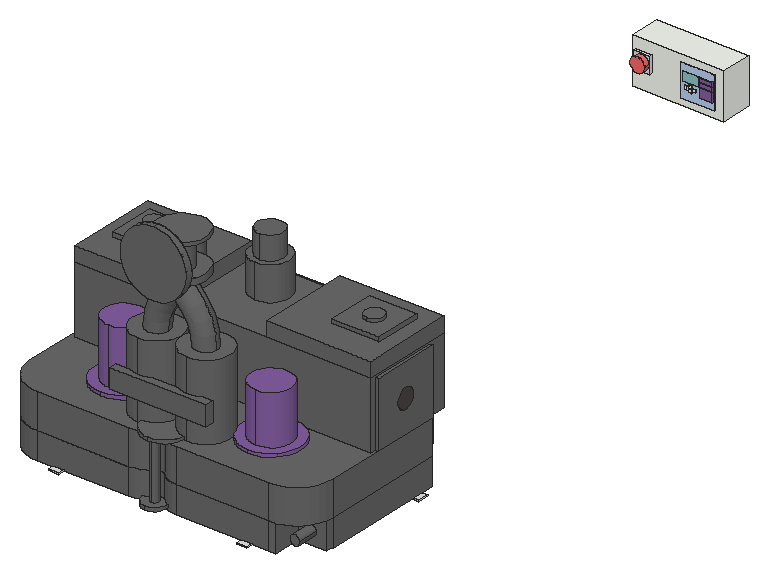
Revit family "11080", category Generic Models, Revit 2021
Family settings
  Can host rebar = No
  Round Connector Dimension = Use Diameter
  Part Type = Normal
  Work Plane-Based = No
  Always vertical = Yes
  Cut with Voids When Loaded = No
  Shared = Yes
  Room Calculation Point = No
Parameters (values of type "11080")
  SUPPLIER = "KESSEL"
  SA700ID49 = "Protection Class I"
  SA700ID48 = "no"
  SA700ID47 = "no"
  SA700ID46 = "yes"
  SA700ID37 = 28000 mm
  SA700ID34 = 60
  SA700ID33 = 5.7 W
  SA700ID32 = 222.72 kg
  SA700ID31 = 1
  SA700ID30 = 2
  SA700ID29 = "GLRD"
  SA700ID21 = 2800
  SA700ID10 = "yes"
  SA700ID08 = 400 V
  PROCUREWEBLINK = "https://p.caden.as/kessel/11080"
  PROCURELINK = "p.caden.as/kessel/11080"
  PROCUREDATALASTUPDATE = "2024-05-22T12:17:48.115502648+01:00"
  PREVIEW = "../../bilder/ksb_w_11080.png"
  PRC_SPECIFICATIONLINK = "https://ausschreiben.de/catalog/kessel/catalogItem/e810e59b-9e4c-44a9-90b6-bb2973ad9a50"
  NN = "Lifting station Aqualift F XL"
  NBSYN = "$SA810ID03."
  NB = "11080"
  Model = "11080"
  Manufacturer = "KESSEL"
  MIdent = "{$CADENAS_DATA/23d-libs/kessel/kessel_vdi_import/4/entwaesserung/hebeanlage20aqualift20f20xl.prj},201 {STYP=ASS},{VTYP=3D},{NB=11080},{LINA=11080},{NN=Lifting station Aqualift F XL},{DATE=21.11.2022 10:48:11},{GEOMDATE=21.11.2022 10:48:11},{VERSION=},{LINEID=150},{WBVAR=LODLEVEL},{WBNUMERIC=LODLEVEL}  {NB=11080},{LINA=11080},{KT=DUMMY},{PREVIEW=../../bilder/ksb_w_11080.png},{SA700ID04=Hebeanlage Aqualift F XL 300 l, Duo, SPF 5500-S3, Gussschieber},{SA810ID06=04026092057476},{SA700ID34=60.00},{SA010ID03=201805},{SA810ID03=11080},{SA810ID10=Die Hebeanlage für fäkalienhaltiges und fäkalienfreies Abwasser ist mit einer überflutbaren Pumpe sowie einem Rückflussverhinderer ausgestattet. Der Sammelbehälter aus dauerhaft beständigem Kunststoff (PE) bietet universale Anschlussmöglichkeiten und hat eine verschraubte Reinigungsöffnung.Die Steuerung erfolgt durch ein anwenderfreundliches Schaltgerät, das optional über einen potentialfreien Kontakt in die Gebäudeleittechnik eingebunden werden oder optional Alarm- und Sammelstörmeldungen über eine GSM-Schnittstelle (Comfort Schaltgerät) ausgeben kann.Ausführung:Absperreinrichtung: Schieber aus GussAnlagenart: DoppelanlagePumpensteuerung: SchaltgerätRückflussverhinderer: integriertSchalldämmmatte: jaAuslieferungszustand: installationsfertig (elektrische Komponenten, Verbindungsteile sind bauseits anzuschließen)Einbausituation: freie AufstellungAbwasserart: fäkalienhaltigAllgemeine Merkmale:Farbe: schwarzNorm: EN 12050-1Abmessungen:Länge: 1.260 mmBreite: 889 mmHöhe: 1.042 mmBehälter/Grundkörper:Zulauf Anzahl: 1 STZulauf Nennweite (DN): 100 mmZulauf Nennweite (DA): 110 mmZulauf max. Anbohrung (DN): 200 mmAnschluss für Handmembranpumpe (DN): 32Behältervolumen: 300 lDruckabgang: senkrechtDruckabgang (DA): 90 mmDruckabgang (DN): 80 mmEntlüftungsanschluss (DN): 70 mmNutzvolumen: 175 lFördereinrichtung:Pumpe: SPF 5500Anzahl Pumpen: 2Förderhöhe max.: 28 mFörderleistung max.: 60 m3/hBetriebsart: S3 - 30 %Leistung P1: 5,7 kWLeistung P2: 4,8 kWDrehzahl: 2.800 U/minFörderguttemperatur (dauerhaft) max.: 40 °CAnschlusstyp: DirektanschlussGewicht: 38 kgLaufrad Typ: FreistromradLänge Netzanschlussleitung Pumpe: 5 mNennstrom: 9,1 ASchutzart Pumpe: IP 68 (3m/48h)Schutzklasse: ITyp Anschlussleitung Pumpe: H07RN8-F 6G 1 mm2Temperaturüberwachung: integriertSteuerung:Schaltgerät: ComfortBetriebsspannung: 400 VNetzfrequenz: 50 HzSelbstdiagnosesystem (SDS): jaBatteriepufferung: jaMehrzeilige Displayanzeige: jaLogbuchfunktion: jaGSM-Schnittstelle: jaPotentialfreier Kontakt: jaErforderliche Absicherung (Leitungsschutz): 3 x C 32 AMotorschutz Schalter: jaSchutzart Schaltgerät: IP 54Länge Netzanschlussleitung Schaltgerät: 0 mArt Niveauerfassung: pneumatischInstrument Niveauerfassung: TauchrohrAlarmgeber: Tauchrohr},{SA700ID37=28.00},{SA700ID33=5.70},{SA700ID08=400},{SA700ID30=2},{SA700ID32=222.72},{SA700ID49=Schutzklasse I},{SA700ID50=intern},{SA200ID03=6},{SA250ID03=vertikal},{SA260ID03=Trockenläuferpumpe},{SA350ID03=normalansaugend},{SA400ID03=E-Motor für Drehstrom},{SA460ID03=direkt},{SA500ID03=Kunststoff, Edelstahl},{SA700ID06=80},{SA700ID07=100},{SA700ID09=3/N/PE 400V},{SA700ID10=Ja},{SA700ID11=50},{SA700ID12=IP 68},{SA700ID13=F},{SA700ID15=40},{SA700ID21=2800.00},{SA700ID22=4.80},{SA700ID23=2800},{SA700ID24=2800},{SA700ID26=9.10},{SA700ID27=68.00},{SA700ID28=durchgehend},{SA700ID29=GLRD},{SA700ID31=1},{SA700ID46=ja},{SA700ID47=nein},{SA700ID48=nein},{SA110ID04=Hebeanlage Aqualift F XL},{SA300ID03=einstufig},{SA700ID44=10.00},{SA700ID45=10.00},{SA010ID04=KESSEL AG},{LODLEVEL=200},{LINK=https://www.kessel.de/info?han=11080},{SA970ID01=970},{SA970ID02=7179},{SA970ID03=11080},{SA970ID04=11002617},{SA970ID05=QUAD},{SA970ID06=-655.51},{SA970ID07=-650},{SA970ID08=0},{SA970ID09=1},{SA970ID10=0},{SA970ID11=0},{SA970ID12=0},{SA970ID13=1},{SA970ID14=0},{SA970ID15=1311.02},{SA970ID16=800},{SA970ID17=1037.75},{LODLEVEL_=200,'Low'},{LODLEVEL_DEU=200,'Low'},{LINK_=https://www.kessel.de/info?han=11080},{LINK_DEU=https://www.kessel.de/info?han=11080},{LODLEVEL_3DB=11080_200},{DNIN1=100},{DNIN2=70},{DNIN4=10},{DNIN5=10},{DNIN6=50},{DNIN7=50},{DNIN8=50},{DNIN9=50},{DNOUT1=32},{DNOUT2=100},{DNOUT3=70},{ISD1=96},{ISD2=10},{ISDOUT1=40},{ISDOUT2=85},{ISDOUT3=MIN},{SA010ID01=010},{SA010ID02=4},{SA010ID06=www.kessel.de},{SA010ID07=www.kessel.de},{SA010ID12=20180713},{SA010ID13=DEU},{SA010ID14=DE},{SA100ID01=100},{SA100ID02=4},{SA100ID04=Entwässerung},{SA110ID01=110},{SA110ID02=6},{SA200ID01=200},{SA200ID02=6},{SA250ID01=250},{SA250ID02=2},{SA260ID01=260},{SA260ID02=2},{SA300ID01=300},{SA300ID02=1},{SA350ID01=350},{SA350ID02=1},{SA400ID01=400},{SA400ID02=2},{SA460ID01=460},{SA460ID02=1},{SA500ID01=500},{SA500ID02=1},{SA700ID01=700},{SA700ID02=64},{SA700ID10_=1},{SA700ID16=0},{SA700ID25=0},{SA700ID46_=1},{SA700ID47_=0},{SA700ID48_=0},{SA700ID49_=1},{SA700ID50_=2},{SA800ID01=800},{SA800ID02=28},{SA810ID01=810},{SA810ID02=64},{SA810ID04=11080},{SA810ID07=64},{SA810ID09=1},{SA810ID14=PCE},{SA810ID15=1},{SA810ID16=NMP},{SA960ID03=64},{SA960ID04=3L},{SA960ID08=https://www.kessel.de/info?han=11080},{SA010ID08=4026092000007},{SA100ID05=Hebeanlage},{SA110ID06=Hebeanlage}"
  LINK = "https://www.kessel.de/info?han=11080"
  LINA = "11080"
  Default Elevation = 0 mm
  CREATOR = "CADENAS GmbH"
  CATALOG = "KESSEL"
  BOMINFO = "LINA"
  ARTICLENO = "NB"
  4.810.00.9 Order quantity (multiplicator) = "1"
  4.810.00.7 Media- connection number = "64"
  4.810.00.6 GTIN number = "04026092057476"
  4.810.00.4 DATANORM number = "11080"
  4.810.00.3 Producer order number = "11080"
  4.710.03.7 Mass (net) = 222.72 kg
  4.710.03.6 Height = 1042 mm
  4.710.03.5 Width = 889 mm
  4.710.03.4 Length = 1260 mm
  4.710.03.3 Type of dimensions = "2"
  4.710.02.8 Area of application of wastewater pump = "1"
  4.710.02.7 Art des S2/S3-Betriebs = "30 %"
  4.710.02.6 Duty type = "S3"
  4.710.02.5 Cutting device = "0"
  4.710.02.4 Attached pump control = "1"
  4.710.02.3 Free passage = 40 mm
  4.710.01.6 Option to connect to building automation = "40"
  4.710.01.5 Load regulation = "0"
  4.710.01.4 Designation of closed-loop control = "175"
  4.710.01.3 Identifier for closed-loop control = "300"
  4.700.00.9 Voltage = 0
  4.700.00.8 Nominal connection size on suction side = "100"
  4.700.00.7 Nominal connection size on pressure side = "100"
  4.700.00.6 Type of connection = "80"
  4.700.00.4 Product indentification = "Hebeanlage Aqualift F XL 300 l, Duo, SPF 5500-S3, Gussschieber"
  4.700.00.28 Motor pump shaft = "durchgehend"
  4.700.00.27 Starting current = 68
  4.700.00.26 Maximum power consumption per pump / drive = 9.1
  4.700.00.25 Minimum speed at internal speed adjustment = 0
  4.700.00.24 Nominal speed / maximum speed n = 46.6667
  4.700.00.23 Nominal speed of motor = 46.6667
  4.700.00.22 Maximum shaft output (P2) per pump/drive = 4.8 W
  4.700.00.16 Maximum temperature of pumped medium = 0 °C
  4.700.00.15 Increased safety class = "40 °C"
  4.700.00.13 Type of protection = "F"
  4.700.00.12 Frequency = 0
  4.700.00.11 Stern-/Dreieck-Anlaufschaltung bei Dreiphasenanschluss oder Drehstrom = "50 Hz"
  4.700.00.10 Phase = "1"
  4.500.00.3 Variant / Variant type / Accessories-name = "Kunststoff, Edelstahl"
  4.460.00.3 Variant / Variant type / Accessories-name = "direkt"
  4.400.00.3 Variant / Variant type / Accessories-name = "E-Motor für Drehstrom"
  4.350.00.3 Variant / Variant type / Accessories-name = "normalansaugend"
  4.300.00.3 Variant / Variant type / Accessories-name = "einstufig"
  4.260.00.3 Variant / Variant type / Accessories-name = "Trockenläuferpumpe"
  4.250.00.3 Variant / Variant type / Accessories-name = "vertikal"
  4.200.00.3 Variant / Variant type / Accessories-name = "6"
  4.110.00.6 Product classification = "Hebeanlage"
  4.110.00.4 Product indentification = "Hebeanlage Aqualift F XL"
  4.100.00.5 Main groups of wares = "Hebeanlage"
  4.100.00.4 Product indentification = "Entwässerung"
  4.010.00.8 Producer ID number = "4026092000007"
  4.010.00.7 Comment = "www.kessel.de"
  4.010.00.6 Web address of the manufacturer = "www.kessel.de"
  4.010.00.4 Manufacturer name = "KESSEL AG"
  4.010.00.3 Date of issuance (month) of guideline = "201805"
  4.010.00.2 Sheet number of the guideline = "4"
  4.010.00.14 Kennungen der Projektländer, für die die Datei gültig ist = "DE"
  4.010.00.13 Sprache der Datei = "DEU"
  4.010.00.12 Stand des Herstellerkatalogs = "20180713"
Reference planes
  plane 1 "Center (Front/Back)": y = 0
  plane 2: z = 0
  plane 3 "Center (Left/Right)": x = 0
Forms (mm)
  Extrusion 1, void
    sketch origin (-305.4, -376.25, 472.4) x (1, 0, 0) y (0, -1, 0)
      loop
        line (-0.5, 0.5) -> (-0.5, -0.5) -> (0.5, -0.5) -> (0.5, 0.5) -> (-0.5, 0.5)
    from 0 to 1
Dimensions and locks
  locked: plane 2 to Extrusion 1 at 471.4
  locked: plane 2 to Extrusion 1 at 472.4
  aligned and locked: level to plane 2
Nested families
  nested 1: "11080_content" at (0, 0, 0), type "11080_Content"
  nested 2: "11080_part1_X0Y0" at (1000, 1000, 1200), type "11080_PART1_X0Y0"
  nested 3: "11080_part2_X0Y0" at (0, 0, 0), type "11080_PART2_X0Y0"
Connectors
  electrical at (861, 933, 1201.5)
    settings: on nested 2, index 1, voltage 0 V, apparent load 0 VA, apparent load phase1 0 VA, apparent load phase2 0 VA, apparent load phase3 0 VA, power factor 1, load classification "Other", number of poles 1, system type 31, power factor state 1, is connector primary yes, connector utility no, sub classification motor no, connector description ""
  piping at (0, 0, 771), diameter 100
    settings: on nested 3, index 2, connector inside diameter 609.6 mm, connector length 0 mm, flow factor 0, pipe flow 0.0 L/s, pressure drop 0.0 Pa, fitting loss kfactor 0, connector angle 0.00°, fixture units 0, engagement length 0 mm, angle of deflection 0.00°, flow configuration 0, flow direction 1, fitting loss method 2, system type 8, joint type 0, gender type 0, connector reference index -1, connector utility 0, adjustable connector no, is connector primary yes, connector description ""
  piping at (631, -84.999, 392), diameter 70
    settings: on nested 3, index 3, connector inside diameter 609.6 mm, connector length 0 mm, flow factor 0, pipe flow 0.0 L/s, pressure drop 0.0 Pa, fitting loss kfactor 0, connector angle 0.00°, fixture units 0, engagement length 0 mm, angle of deflection 0.00°, flow configuration 0, flow direction 0, fitting loss method 2, system type 8, joint type 0, gender type 0, connector reference index -1, connector utility 0, adjustable connector no, is connector primary no, connector description ""
  piping at (358.7, 150.5, 392), diameter 70
    settings: on nested 3, index 4, connector inside diameter 609.6 mm, connector length 0 mm, flow factor 0, pipe flow 0.0 L/s, pressure drop 0.0 Pa, fitting loss kfactor 0, connector angle 0.00°, fixture units 0, engagement length 0 mm, angle of deflection 0.00°, flow configuration 0, flow direction 0, fitting loss method 2, system type 8, joint type 0, gender type 0, connector reference index -1, connector utility 0, adjustable connector no, is connector primary no, connector description ""
  piping at (-357.7, 150.5, 392), diameter 70
    settings: on nested 3, index 5, connector inside diameter 609.6 mm, connector length 0 mm, flow factor 0, pipe flow 0.0 L/s, pressure drop 0.0 Pa, fitting loss kfactor 0, connector angle 0.00°, fixture units 0, engagement length 0 mm, angle of deflection 0.00°, flow configuration 0, flow direction 0, fitting loss method 2, system type 8, joint type 0, gender type 0, connector reference index -1, connector utility 0, adjustable connector no, is connector primary no, connector description ""
  piping at (-630, -85, 392), diameter 70
    settings: on nested 3, index 6, connector inside diameter 609.6 mm, connector length 0 mm, flow factor 0, pipe flow 0.0 L/s, pressure drop 0.0 Pa, fitting loss kfactor 0, connector angle 0.00°, fixture units 0, engagement length 0 mm, angle of deflection 0.00°, flow configuration 0, flow direction 0, fitting loss method 2, system type 8, joint type 0, gender type 0, connector reference index -1, connector utility 0, adjustable connector no, is connector primary no, connector description ""
  piping at (0, -460, 970), diameter 85
    settings: on nested 3, index 7, connector inside diameter 609.6 mm, connector length 0 mm, flow factor 0, pipe flow 0.0 L/s, pressure drop 0.0 Pa, fitting loss kfactor 0, connector angle 0.00°, fixture units 0, engagement length 0 mm, angle of deflection 0.00°, flow configuration 0, flow direction 2, fitting loss method 2, system type 7, joint type 0, gender type 0, connector reference index -1, connector utility 0, adjustable connector no, is connector primary no, connector description ""
  piping at (-269.5, -60, 681), diameter 70
    settings: on nested 3, index 8, connector inside diameter 609.6 mm, connector length 0 mm, flow factor 0, pipe flow 0.0 L/s, pressure drop 0.0 Pa, fitting loss kfactor 0, connector angle 0.00°, fixture units 0, engagement length 0 mm, angle of deflection 0.00°, flow configuration 0, flow direction 2, fitting loss method 2, system type 7, joint type 0, gender type 0, connector reference index -1, connector utility 0, adjustable connector no, is connector primary no, connector description ""
  piping at (565, -575.5, 56), diameter 32
    settings: on nested 3, index 9, connector inside diameter 609.6 mm, connector length 0 mm, flow factor 0, pipe flow 0.0 L/s, pressure drop 0.0 Pa, fitting loss kfactor 0, connector angle 0.00°, fixture units 0, engagement length 0 mm, angle of deflection 0.00°, flow configuration 0, flow direction 2, fitting loss method 2, system type 7, joint type 0, gender type 0, connector reference index -1, connector utility 0, adjustable connector no, is connector primary no, connector description ""
  piping at (0, 150.5, 392), diameter 70
    settings: on nested 3, index 10, connector inside diameter 609.6 mm, connector length 0 mm, flow factor 0, pipe flow 0.0 L/s, pressure drop 0.0 Pa, fitting loss kfactor 0, connector angle 0.00°, fixture units 0, engagement length 0 mm, angle of deflection 0.00°, flow configuration 0, flow direction 0, fitting loss method 2, system type 29, joint type 0, gender type 0, connector reference index -1, connector utility 0, adjustable connector no, is connector primary no, connector description ""
  electrical at (305.4, -376.25, 472.4)
    settings: on nested 3, index 11, voltage 0 V, apparent load 0 VA, apparent load phase1 0 VA, apparent load phase2 0 VA, apparent load phase3 0 VA, power factor 1, load classification "Other", number of poles 1, system type 31, power factor state 1, is connector primary no, connector utility no, sub classification motor no, connector description ""
  electrical at (-305.4, -376.25, 472.4)
    settings: on Extrusion 1, index 12, voltage 0 V, apparent load 0 VA, apparent load phase1 0 VA, apparent load phase2 0 VA, apparent load phase3 0 VA, power factor 1, load classification "Other", number of poles 1, system type 31, power factor state 1, is connector primary no, connector utility no, sub classification motor no, connector description ""
  electrical at (-457, -29.5, 650)
    settings: on nested 3, index 13, voltage 0 V, apparent load 0 VA, apparent load phase1 0 VA, apparent load phase2 0 VA, apparent load phase3 0 VA, power factor 1, load classification "Other", number of poles 1, system type 31, power factor state 1, is connector primary no, connector utility no, sub classification motor no, connector description ""
Definition of nested family "11080_part1_X0Y0"
  Parameters (values of type "11080_PART1_X0Y0")
    SUPPLIER = "KESSEL"
    SA700ID49 = "Protection Class I"
    SA700ID48 = "no"
    SA700ID47 = "no"
    SA700ID46 = "yes"
    SA700ID37 = 28000 mm
    SA700ID34 = 60
    SA700ID33 = 5.7 W
    SA700ID32 = 222.72 kg
    SA700ID31 = 1
    SA700ID30 = 2
    SA700ID29 = "GLRD"
    SA700ID21 = 2800
    SA700ID10 = "yes"
    SA700ID08 = 400 V
    PREVIEW = "../../bilder/ksb_w_11080.png"
    NBSYN = "$SA810ID03._PART1"
    NB = "11080_PART1"
    Model = "11080_PART1"
    Manufacturer = "KESSEL"
    MIdent = "{$CADENAS_DATA/23d-libs/kessel/kessel_vdi_import/4/entwaesserung/hebeanlage20aqualift20f20xl.prj},221 {VTYP=3D},{NB=11080_PART1},{LINA=11080_PART1},{NN=Lifting station Aqualift F XL_PART1},{NOPRJ=TRUE},{DATE=21.11.2022 10:48:11},{GEOMDATE=21.11.2022 10:48:11},{VERSION=},{LINEID=150},{WBVAR=LODLEVEL},{WBNUMERIC=LODLEVEL}  {NB=11080_PART1},{LINA=11080_PART1},{KT=DUMMY},{PREVIEW=../../bilder/ksb_w_11080.png},{SA700ID04=Hebeanlage Aqualift F XL 300 l, Duo, SPF 5500-S3, Gussschieber},{SA810ID06=04026092057476},{SA700ID34=60.00},{SA010ID03=201805},{SA810ID03=11080},{SA810ID10=Die Hebeanlage für fäkalienhaltiges und fäkalienfreies Abwasser ist mit einer überflutbaren Pumpe sowie einem Rückflussverhinderer ausgestattet. Der Sammelbehälter aus dauerhaft beständigem Kunststoff (PE) bietet universale Anschlussmöglichkeiten und hat eine verschraubte Reinigungsöffnung.Die Steuerung erfolgt durch ein anwenderfreundliches Schaltgerät, das optional über einen potentialfreien Kontakt in die Gebäudeleittechnik eingebunden werden oder optional Alarm- und Sammelstörmeldungen über eine GSM-Schnittstelle (Comfort Schaltgerät) ausgeben kann.Ausführung:Absperreinrichtung: Schieber aus GussAnlagenart: DoppelanlagePumpensteuerung: SchaltgerätRückflussverhinderer: integriertSchalldämmmatte: jaAuslieferungszustand: installationsfertig (elektrische Komponenten, Verbindungsteile sind bauseits anzuschließen)Einbausituation: freie AufstellungAbwasserart: fäkalienhaltigAllgemeine Merkmale:Farbe: schwarzNorm: EN 12050-1Abmessungen:Länge: 1.260 mmBreite: 889 mmHöhe: 1.042 mmBehälter/Grundkörper:Zulauf Anzahl: 1 STZulauf Nennweite (DN): 100 mmZulauf Nennweite (DA): 110 mmZulauf max. Anbohrung (DN): 200 mmAnschluss für Handmembranpumpe (DN): 32Behältervolumen: 300 lDruckabgang: senkrechtDruckabgang (DA): 90 mmDruckabgang (DN): 80 mmEntlüftungsanschluss (DN): 70 mmNutzvolumen: 175 lFördereinrichtung:Pumpe: SPF 5500Anzahl Pumpen: 2Förderhöhe max.: 28 mFörderleistung max.: 60 m3/hBetriebsart: S3 - 30 %Leistung P1: 5,7 kWLeistung P2: 4,8 kWDrehzahl: 2.800 U/minFörderguttemperatur (dauerhaft) max.: 40 °CAnschlusstyp: DirektanschlussGewicht: 38 kgLaufrad Typ: FreistromradLänge Netzanschlussleitung Pumpe: 5 mNennstrom: 9,1 ASchutzart Pumpe: IP 68 (3m/48h)Schutzklasse: ITyp Anschlussleitung Pumpe: H07RN8-F 6G 1 mm2Temperaturüberwachung: integriertSteuerung:Schaltgerät: ComfortBetriebsspannung: 400 VNetzfrequenz: 50 HzSelbstdiagnosesystem (SDS): jaBatteriepufferung: jaMehrzeilige Displayanzeige: jaLogbuchfunktion: jaGSM-Schnittstelle: jaPotentialfreier Kontakt: jaErforderliche Absicherung (Leitungsschutz): 3 x C 32 AMotorschutz Schalter: jaSchutzart Schaltgerät: IP 54Länge Netzanschlussleitung Schaltgerät: 0 mArt Niveauerfassung: pneumatischInstrument Niveauerfassung: TauchrohrAlarmgeber: Tauchrohr},{SA700ID37=28.00},{SA700ID33=5.70},{SA700ID08=400},{SA700ID30=2},{SA700ID32=222.72},{SA700ID49=Schutzklasse I},{SA700ID50=intern},{SA200ID03=6},{SA250ID03=vertikal},{SA260ID03=Trockenläuferpumpe},{SA350ID03=normalansaugend},{SA400ID03=E-Motor für Drehstrom},{SA460ID03=direkt},{SA500ID03=Kunststoff, Edelstahl},{SA700ID06=80},{SA700ID07=100},{SA700ID09=3/N/PE 400V},{SA700ID10=Ja},{SA700ID11=50},{SA700ID12=IP 68},{SA700ID13=F},{SA700ID15=40},{SA700ID21=2800.00},{SA700ID22=4.80},{SA700ID23=2800},{SA700ID24=2800},{SA700ID26=9.10},{SA700ID27=68.00},{SA700ID28=durchgehend},{SA700ID29=GLRD},{SA700ID31=1},{SA700ID46=ja},{SA700ID47=nein},{SA700ID48=nein},{SA110ID04=Hebeanlage Aqualift F XL},{SA300ID03=einstufig},{SA700ID44=10.00},{SA700ID45=10.00},{SA010ID04=KESSEL AG},{LODLEVEL=200},{LINK=https://www.kessel.de/info?han=11080},{SA970ID01=970},{SA970ID02=7179},{SA970ID03=11080},{SA970ID04=11002617},{SA970ID05=QUAD},{SA970ID06=-655.51},{SA970ID07=-650},{SA970ID08=0},{SA970ID09=1},{SA970ID10=0},{SA970ID11=0},{SA970ID12=0},{SA970ID13=1},{SA970ID14=0},{SA970ID15=1311.02},{SA970ID16=800},{SA970ID17=1037.75},{LODLEVEL_=200,'Low'},{LODLEVEL_DEU=200,'Low'},{LINK_=https://www.kessel.de/info?han=11080},{LINK_DEU=https://www.kessel.de/info?han=11080},{LODLEVEL_3DB=11080_200},{DNIN1=100},{DNIN2=70},{DNIN4=10},{DNIN5=10},{DNIN6=50},{DNIN7=50},{DNIN8=50},{DNIN9=50},{DNOUT1=32},{DNOUT2=100},{DNOUT3=70},{ISD1=96},{ISD2=10},{ISDOUT1=40},{ISDOUT2=85},{ISDOUT3=MIN},{SA010ID01=010},{SA010ID02=4},{SA010ID06=www.kessel.de},{SA010ID07=www.kessel.de},{SA010ID12=20180713},{SA010ID13=DEU},{SA010ID14=DE},{SA100ID01=100},{SA100ID02=4},{SA100ID04=Entwässerung},{SA110ID01=110},{SA110ID02=6},{SA200ID01=200},{SA200ID02=6},{SA250ID01=250},{SA250ID02=2},{SA260ID01=260},{SA260ID02=2},{SA300ID01=300},{SA300ID02=1},{SA350ID01=350},{SA350ID02=1},{SA400ID01=400},{SA400ID02=2},{SA460ID01=460},{SA460ID02=1},{SA500ID01=500},{SA500ID02=1},{SA700ID01=700},{SA700ID02=64},{SA700ID10_=1},{SA700ID16=0},{SA700ID25=0},{SA700ID46_=1},{SA700ID47_=0},{SA700ID48_=0},{SA700ID49_=1},{SA700ID50_=2},{SA800ID01=800},{SA800ID02=28},{SA810ID01=810},{SA810ID02=64},{SA810ID04=11080},{SA810ID07=64},{SA810ID09=1},{SA810ID14=PCE},{SA810ID15=1},{SA810ID16=NMP},{SA960ID03=64},{SA960ID04=3L},{SA960ID08=https://www.kessel.de/info?han=11080},{SA010ID08=4026092000007},{SA100ID05=Hebeanlage},{SA110ID06=Hebeanlage}"
    LINK = "https://www.kessel.de/info?han=11080"
    LINA = "11080_PART1"
    Default Elevation = 1219.2 mm
    CREATOR = "CADENAS GmbH"
    CATALOG = "KESSEL"
    BOMINFO = "LINA"
    ARTICLENO = "NB"
    4.810.00.9 Order quantity (multiplicator) = "1"
    4.810.00.7 Media- connection number = "64"
    4.810.00.6 GTIN number = "04026092057476"
    4.810.00.4 DATANORM number = "11080"
    4.810.00.3 Producer order number = "11080"
    4.710.03.7 Mass (net) = 222.72 kg
    4.710.03.6 Height = 1042 mm
    4.710.03.5 Width = 889 mm
    4.710.03.4 Length = 1260 mm
    4.710.03.3 Type of dimensions = "2"
    4.710.02.8 Area of application of wastewater pump = "1"
    4.710.02.7 Art des S2/S3-Betriebs = "30 %"
    4.710.02.6 Duty type = "S3"
    4.710.02.5 Cutting device = "0"
    4.710.02.4 Attached pump control = "1"
    4.710.02.3 Free passage = 40 mm
    4.710.01.6 Option to connect to building automation = "40"
    4.710.01.5 Load regulation = "0"
    4.710.01.4 Designation of closed-loop control = "175"
    4.710.01.3 Identifier for closed-loop control = "300"
    4.700.00.9 Voltage = 0
    4.700.00.8 Nominal connection size on suction side = "100"
    4.700.00.7 Nominal connection size on pressure side = "100"
    4.700.00.6 Type of connection = "80"
    4.700.00.4 Product indentification = "Hebeanlage Aqualift F XL 300 l, Duo, SPF 5500-S3, Gussschieber"
    4.700.00.28 Motor pump shaft = "durchgehend"
    4.700.00.27 Starting current = 68
    4.700.00.26 Maximum power consumption per pump / drive = 9.1
    4.700.00.25 Minimum speed at internal speed adjustment = 0
    4.700.00.24 Nominal speed / maximum speed n = 46.6667
    4.700.00.23 Nominal speed of motor = 46.6667
    4.700.00.22 Maximum shaft output (P2) per pump/drive = 4.8 W
    4.700.00.16 Maximum temperature of pumped medium = 0 °C
    4.700.00.15 Increased safety class = "40 °C"
    4.700.00.13 Type of protection = "F"
    4.700.00.12 Frequency = 0
    4.700.00.11 Stern-/Dreieck-Anlaufschaltung bei Dreiphasenanschluss oder Drehstrom = "50 Hz"
    4.700.00.10 Phase = "1"
    4.500.00.3 Variant / Variant type / Accessories-name = "Kunststoff, Edelstahl"
    4.460.00.3 Variant / Variant type / Accessories-name = "direkt"
    4.400.00.3 Variant / Variant type / Accessories-name = "E-Motor für Drehstrom"
    4.350.00.3 Variant / Variant type / Accessories-name = "normalansaugend"
    4.300.00.3 Variant / Variant type / Accessories-name = "einstufig"
    4.260.00.3 Variant / Variant type / Accessories-name = "Trockenläuferpumpe"
    4.250.00.3 Variant / Variant type / Accessories-name = "vertikal"
    4.200.00.3 Variant / Variant type / Accessories-name = "6"
    4.110.00.6 Product classification = "Hebeanlage"
    4.110.00.4 Product indentification = "Hebeanlage Aqualift F XL"
    4.100.00.5 Main groups of wares = "Hebeanlage"
    4.100.00.4 Product indentification = "Entwässerung"
    4.010.00.8 Producer ID number = "4026092000007"
    4.010.00.7 Comment = "www.kessel.de"
    4.010.00.6 Web address of the manufacturer = "www.kessel.de"
    4.010.00.4 Manufacturer name = "KESSEL AG"
    4.010.00.3 Date of issuance (month) of guideline = "201805"
    4.010.00.2 Sheet number of the guideline = "4"
    4.010.00.14 Kennungen der Projektländer, für die die Datei gültig ist = "DE"
    4.010.00.13 Sprache der Datei = "DEU"
    4.010.00.12 Stand des Herstellerkatalogs = "20180713"
  Reference planes
    plane 1 "Center (Front/Back)": y = 0
    plane 2: z = 0
    plane 3 "Center (Left/Right)": x = 0
  Dimensions and locks
    aligned and locked: level to plane 2
  Nested families
    nested 1: "11080_part1_content" at (0, 0, 0), type "11080_PART1_Content"
  Definition of nested family "11080_part1_content"
    Parameters (values of type "11080_PART1_Content")
      SUPPLIER = "KESSEL"
      SA700ID49 = "Protection Class I"
      SA700ID48 = "no"
      SA700ID47 = "no"
      SA700ID46 = "yes"
      SA700ID37 = 28000 mm
      SA700ID34 = 60
      SA700ID33 = 5.7 W
      SA700ID32 = 222.72 kg
      SA700ID31 = 1
      SA700ID30 = 2
      SA700ID29 = "GLRD"
      SA700ID21 = 2800
      SA700ID10 = "yes"
      SA700ID08 = 400 V
      PREVIEW = "../../bilder/ksb_w_11080.png"
      NBSYN = "$SA810ID03._PART1"
      NB = "11080_PART1"
      Model = "11080_PART1"
      Manufacturer = "KESSEL"
      LINK = "https://www.kessel.de/info?han=11080"
      LINA = "11080_PART1"
      Default Elevation = 1219.2 mm
      CREATOR = "CADENAS GmbH"
      CATALOG = "KESSEL"
      BOMINFO = "LINA"
      ARTICLENO = "NB"
      4.810.00.9 Order quantity (multiplicator) = "1"
      4.810.00.7 Media- connection number = "64"
      4.810.00.6 GTIN number = "04026092057476"
      4.810.00.4 DATANORM number = "11080"
      4.810.00.3 Producer order number = "11080"
      4.710.03.7 Mass (net) = 222.72 kg
      4.710.03.6 Height = 1042 mm
      4.710.03.5 Width = 889 mm
      4.710.03.4 Length = 1260 mm
      4.710.03.3 Type of dimensions = "2"
      4.710.02.8 Area of application of wastewater pump = "1"
      4.710.02.7 Art des S2/S3-Betriebs = "30 %"
      4.710.02.6 Duty type = "S3"
      4.710.02.5 Cutting device = "0"
      4.710.02.4 Attached pump control = "1"
      4.710.02.3 Free passage = 40 mm
      4.710.01.6 Option to connect to building automation = "40"
      4.710.01.5 Load regulation = "0"
      4.710.01.4 Designation of closed-loop control = "175"
      4.710.01.3 Identifier for closed-loop control = "300"
      4.700.00.9 Voltage = 0
      4.700.00.8 Nominal connection size on suction side = "100"
      4.700.00.7 Nominal connection size on pressure side = "100"
      4.700.00.6 Type of connection = "80"
      4.700.00.4 Product indentification = "Hebeanlage Aqualift F XL 300 l, Duo, SPF 5500-S3, Gussschieber"
      4.700.00.28 Motor pump shaft = "durchgehend"
      4.700.00.27 Starting current = 68
      4.700.00.26 Maximum power consumption per pump / drive = 9.1
      4.700.00.25 Minimum speed at internal speed adjustment = 0
      4.700.00.24 Nominal speed / maximum speed n = 46.6667
      4.700.00.23 Nominal speed of motor = 46.6667
      4.700.00.22 Maximum shaft output (P2) per pump/drive = 4.8 W
      4.700.00.16 Maximum temperature of pumped medium = 0 °C
      4.700.00.15 Increased safety class = "40 °C"
      4.700.00.13 Type of protection = "F"
      4.700.00.12 Frequency = 0
      4.700.00.11 Stern-/Dreieck-Anlaufschaltung bei Dreiphasenanschluss oder Drehstrom = "50 Hz"
      4.700.00.10 Phase = "1"
      4.500.00.3 Variant / Variant type / Accessories-name = "Kunststoff, Edelstahl"
      4.460.00.3 Variant / Variant type / Accessories-name = "direkt"
      4.400.00.3 Variant / Variant type / Accessories-name = "E-Motor für Drehstrom"
      4.350.00.3 Variant / Variant type / Accessories-name = "normalansaugend"
      4.300.00.3 Variant / Variant type / Accessories-name = "einstufig"
      4.260.00.3 Variant / Variant type / Accessories-name = "Trockenläuferpumpe"
      4.250.00.3 Variant / Variant type / Accessories-name = "vertikal"
      4.200.00.3 Variant / Variant type / Accessories-name = "6"
      4.110.00.6 Product classification = "Hebeanlage"
      4.110.00.4 Product indentification = "Hebeanlage Aqualift F XL"
      4.100.00.5 Main groups of wares = "Hebeanlage"
      4.100.00.4 Product indentification = "Entwässerung"
      4.010.00.8 Producer ID number = "4026092000007"
      4.010.00.7 Comment = "www.kessel.de"
      4.010.00.6 Web address of the manufacturer = "www.kessel.de"
      4.010.00.4 Manufacturer name = "KESSEL AG"
      4.010.00.3 Date of issuance (month) of guideline = "201805"
      4.010.00.2 Sheet number of the guideline = "4"
      4.010.00.14 Kennungen der Projektländer, für die die Datei gültig ist = "DE"
      4.010.00.13 Sprache der Datei = "DEU"
      4.010.00.12 Stand des Herstellerkatalogs = "20180713"
    Reference planes
      plane 1 "Center (Front/Back)": y = 0
      plane 2: z = 0
      plane 3 "Center (Left/Right)": x = 0
    Forms (mm)
      Extrusion 1, solid, detail levels medium+fine
        sketch origin (189.25, -1.75, 0.2) x (0, -1, 0) y (0, 0, 1)
          loop
            line (0, 187.8) -> (0, 0) -> (127.75, 0) -> (127.75, 187.8) -> (0, 187.8)
        from 0 to 378.5
      Extrusion 2, solid, detail levels medium+fine
        sketch origin (-4, -67, 0) x (0, 1, 0) y (-1, 0, 0)
          loop
            circle (0, 0) r 12.5
        from 0 to 1.5
      Extrusion 3, solid, detail levels medium+fine
        sketch origin (150.8, -129.5, 26.5) x (0, -1, 0) y (0, 0, 1)
          loop
            line (-1.2, 134.8) -> (-1.2, 0) -> (0.25, 0) -> (0.25, 134.8) -> (-1.2, 134.8)
        from 0 to 139.9
      Extrusion 4, solid, detail levels medium+fine
        sketch origin (72.55, -129.75, 66) x (0, -1, 0) y (0, 0, 1)
          loop
            line (-1, 12) -> (-1, 0) -> (0.5, 0) -> (0.5, 12) -> (-1, 12)
        from 0 to 12
      Extrusion 5, solid, detail levels medium+fine
        sketch origin (84.45, -129.75, 93.4) x (0, -1, 0) y (0, 0, 1)
          loop
            line (-1, 37) -> (-1, 0) -> (0.5, 0) -> (0.5, 37) -> (-1, 37)
        from 0 to 66
      Extrusion 6, solid, detail levels medium+fine
        sketch origin (55.3, -129.75, 74) x (0, -1, 0) y (0, 0, 1)
          loop
            line (-1, 12) -> (-1, 0) -> (0.5, 0) -> (0.5, 12) -> (-1, 12)
        from 0 to 12
      Extrusion 7, solid, detail levels medium+fine
        sketch origin (143.3, -129.75, 94.4) x (0, -1, 0) y (0, 0, 1)
          loop
            line (0, 16) -> (0, 0) -> (1.75, 0) -> (1.75, 16) -> (0, 16)
        from 0 to 51
      Extrusion 8, solid, detail levels medium+fine
        sketch origin (143.3, -129.75, 54.4) x (0, -1, 0) y (0, 0, 1)
          loop
            line (0, 36) -> (0, 0) -> (1.75, 0) -> (1.75, 36) -> (0, 36)
        from 0 to 51
      Extrusion 9, solid, detail levels medium+fine
        sketch origin (55.3, -129.75, 57.5) x (0, -1, 0) y (0, 0, 1)
          loop
            line (-1, 12) -> (-1, 0) -> (0.5, 0) -> (0.5, 12) -> (-1, 12)
        from 0 to 12
      Extrusion 10, solid, detail levels medium+fine
        sketch origin (143.3, -129.75, 114.4) x (0, -1, 0) y (0, 0, 1)
          loop
            line (0, 16) -> (0, 0) -> (1.75, 0) -> (1.75, 16) -> (0, 16)
        from 0 to 51
      Extrusion 11, solid, detail levels medium+fine
        sketch origin (38.05, -129.75, 66) x (0, -1, 0) y (0, 0, 1)
          loop
            line (-1, 12) -> (-1, 0) -> (0.5, 0) -> (0.5, 12) -> (-1, 12)
        from 0 to 12
      Extrusion 12, solid, detail levels medium+fine
        sketch origin (47, -72, 0) x (0, 1, 0) y (-1, 0, 0)
          loop
            circle (0, 0) r 8
        from 0 to 1.5
      Extrusion 13, solid, detail levels medium+fine
        sketch origin (47, -42, 0) x (0, 1, 0) y (-1, 0, 0)
          loop
            circle (0, 0) r 5.25
        from 0 to 1.5
      Extrusion 14, solid, detail levels medium+fine
        sketch origin (77, -72, 0) x (0, 1, 0) y (-1, 0, 0)
          loop
            circle (0, 0) r 8
        from 0 to 1.5
      Extrusion 15, solid, detail levels medium+fine
        sketch origin (-94, -67, 0) x (0, 1, 0) y (-1, 0, 0)
          loop
            circle (0, 0) r 12.5
        from 0 to 1.5
      Extrusion 16, solid, detail levels medium+fine
        sketch origin (92, -42, 0) x (0, 1, 0) y (-1, 0, 0)
          loop
            circle (0, 0) r 8
        from 0 to 1.5
      Extrusion 17, solid, detail levels medium+fine
        sketch origin (107, -72, 0) x (0, 1, 0) y (-1, 0, 0)
          loop
            circle (0, 0) r 8
        from 0 to 1.5
      Extrusion 18, solid, detail levels medium+fine
        sketch origin (122, -42, 0) x (0, 1, 0) y (-1, 0, 0)
          loop
            circle (0, 0) r 8
        from 0 to 1.5
      Extrusion 19, solid, detail levels medium+fine
        sketch origin (-107.7, -129.5, 76.9) x (0, -1, 0) y (0, 0, 1)
          loop
            line (0, 67) -> (0, 0) -> (14, 0) -> (14, 67) -> (0, 67)
        from 0 to 67
      Extrusion 20, solid, detail levels medium+fine
        sketch origin (-141.2, -143.5, 110.4) x (1, 0, 0) y (0, 0, 1)
          loop
            circle (0, 0) r 30
        from 0 to 22
      Extrusion 21, solid, detail levels medium+fine
        sketch origin (127, -15, 0) x (0, 1, 0) y (-1, 0, 0)
          loop
            circle (0, 0) r 6
        from 0 to 1.5
      Extrusion 22, solid, detail levels medium+fine
        sketch origin (137, -72, 0) x (0, 1, 0) y (-1, 0, 0)
          loop
            circle (0, 0) r 8
        from 0 to 1.5
      Extrusion 23, solid, detail levels medium+fine
        sketch origin (-139, -67, 0) x (0, 1, 0) y (-1, 0, 0)
          loop
            circle (0, 0) r 12.5
        from 0 to 1.5
      Extrusion 24, solid, detail levels medium+fine
        sketch origin (152, -42, 0) x (0, 1, 0) y (-1, 0, 0)
          loop
            circle (0, 0) r 8
        from 0 to 1.5
      Extrusion 25, solid, detail levels coarse
        sketch origin (0, -83.625, 0) x (1, 0, 0) y (0, 1, 0)
          loop
            line (-189.25, -81.875) -> (189.25, -81.875) -> (189.25, 81.875) -> (-189.25, 81.875) -> (-189.25, -81.875)
        from 0 to 188
    Dimensions and locks
      aligned and locked: level to plane 2
Definition of nested family "11080_part2_X0Y0"
  Parameters (values of type "11080_PART2_X0Y0")
    SUPPLIER = "KESSEL"
    SA700ID49 = "Protection Class I"
    SA700ID48 = "no"
    SA700ID47 = "no"
    SA700ID46 = "yes"
    SA700ID37 = 28000 mm
    SA700ID34 = 60
    SA700ID33 = 5.7 W
    SA700ID32 = 222.72 kg
    SA700ID31 = 1
    SA700ID30 = 2
    SA700ID29 = "GLRD"
    SA700ID21 = 2800
    SA700ID10 = "yes"
    SA700ID08 = 400 V
    PREVIEW = "../../bilder/ksb_w_11080.png"
    NBSYN = "$SA810ID03._PART2"
    NB = "11080_PART2"
    Model = "11080_PART2"
    Manufacturer = "KESSEL"
    MIdent = "{$CADENAS_DATA/23d-libs/kessel/kessel_vdi_import/4/entwaesserung/hebeanlage20aqualift20f20xl.prj},221 {VTYP=3D},{NB=11080_PART2},{LINA=11080_PART2},{NN=Lifting station Aqualift F XL_PART2},{NOPRJ=TRUE},{DATE=21.11.2022 10:48:11},{GEOMDATE=21.11.2022 10:48:11},{VERSION=},{LINEID=150},{WBVAR=LODLEVEL},{WBNUMERIC=LODLEVEL}  {NB=11080_PART2},{LINA=11080_PART2},{KT=DUMMY},{PREVIEW=../../bilder/ksb_w_11080.png},{SA700ID04=Hebeanlage Aqualift F XL 300 l, Duo, SPF 5500-S3, Gussschieber},{SA810ID06=04026092057476},{SA700ID34=60.00},{SA010ID03=201805},{SA810ID03=11080},{SA810ID10=Die Hebeanlage für fäkalienhaltiges und fäkalienfreies Abwasser ist mit einer überflutbaren Pumpe sowie einem Rückflussverhinderer ausgestattet. Der Sammelbehälter aus dauerhaft beständigem Kunststoff (PE) bietet universale Anschlussmöglichkeiten und hat eine verschraubte Reinigungsöffnung.Die Steuerung erfolgt durch ein anwenderfreundliches Schaltgerät, das optional über einen potentialfreien Kontakt in die Gebäudeleittechnik eingebunden werden oder optional Alarm- und Sammelstörmeldungen über eine GSM-Schnittstelle (Comfort Schaltgerät) ausgeben kann.Ausführung:Absperreinrichtung: Schieber aus GussAnlagenart: DoppelanlagePumpensteuerung: SchaltgerätRückflussverhinderer: integriertSchalldämmmatte: jaAuslieferungszustand: installationsfertig (elektrische Komponenten, Verbindungsteile sind bauseits anzuschließen)Einbausituation: freie AufstellungAbwasserart: fäkalienhaltigAllgemeine Merkmale:Farbe: schwarzNorm: EN 12050-1Abmessungen:Länge: 1.260 mmBreite: 889 mmHöhe: 1.042 mmBehälter/Grundkörper:Zulauf Anzahl: 1 STZulauf Nennweite (DN): 100 mmZulauf Nennweite (DA): 110 mmZulauf max. Anbohrung (DN): 200 mmAnschluss für Handmembranpumpe (DN): 32Behältervolumen: 300 lDruckabgang: senkrechtDruckabgang (DA): 90 mmDruckabgang (DN): 80 mmEntlüftungsanschluss (DN): 70 mmNutzvolumen: 175 lFördereinrichtung:Pumpe: SPF 5500Anzahl Pumpen: 2Förderhöhe max.: 28 mFörderleistung max.: 60 m3/hBetriebsart: S3 - 30 %Leistung P1: 5,7 kWLeistung P2: 4,8 kWDrehzahl: 2.800 U/minFörderguttemperatur (dauerhaft) max.: 40 °CAnschlusstyp: DirektanschlussGewicht: 38 kgLaufrad Typ: FreistromradLänge Netzanschlussleitung Pumpe: 5 mNennstrom: 9,1 ASchutzart Pumpe: IP 68 (3m/48h)Schutzklasse: ITyp Anschlussleitung Pumpe: H07RN8-F 6G 1 mm2Temperaturüberwachung: integriertSteuerung:Schaltgerät: ComfortBetriebsspannung: 400 VNetzfrequenz: 50 HzSelbstdiagnosesystem (SDS): jaBatteriepufferung: jaMehrzeilige Displayanzeige: jaLogbuchfunktion: jaGSM-Schnittstelle: jaPotentialfreier Kontakt: jaErforderliche Absicherung (Leitungsschutz): 3 x C 32 AMotorschutz Schalter: jaSchutzart Schaltgerät: IP 54Länge Netzanschlussleitung Schaltgerät: 0 mArt Niveauerfassung: pneumatischInstrument Niveauerfassung: TauchrohrAlarmgeber: Tauchrohr},{SA700ID37=28.00},{SA700ID33=5.70},{SA700ID08=400},{SA700ID30=2},{SA700ID32=222.72},{SA700ID49=Schutzklasse I},{SA700ID50=intern},{SA200ID03=6},{SA250ID03=vertikal},{SA260ID03=Trockenläuferpumpe},{SA350ID03=normalansaugend},{SA400ID03=E-Motor für Drehstrom},{SA460ID03=direkt},{SA500ID03=Kunststoff, Edelstahl},{SA700ID06=80},{SA700ID07=100},{SA700ID09=3/N/PE 400V},{SA700ID10=Ja},{SA700ID11=50},{SA700ID12=IP 68},{SA700ID13=F},{SA700ID15=40},{SA700ID21=2800.00},{SA700ID22=4.80},{SA700ID23=2800},{SA700ID24=2800},{SA700ID26=9.10},{SA700ID27=68.00},{SA700ID28=durchgehend},{SA700ID29=GLRD},{SA700ID31=1},{SA700ID46=ja},{SA700ID47=nein},{SA700ID48=nein},{SA110ID04=Hebeanlage Aqualift F XL},{SA300ID03=einstufig},{SA700ID44=10.00},{SA700ID45=10.00},{SA010ID04=KESSEL AG},{LODLEVEL=200},{LINK=https://www.kessel.de/info?han=11080},{SA970ID01=970},{SA970ID02=7179},{SA970ID03=11080},{SA970ID04=11002617},{SA970ID05=QUAD},{SA970ID06=-655.51},{SA970ID07=-650},{SA970ID08=0},{SA970ID09=1},{SA970ID10=0},{SA970ID11=0},{SA970ID12=0},{SA970ID13=1},{SA970ID14=0},{SA970ID15=1311.02},{SA970ID16=800},{SA970ID17=1037.75},{LODLEVEL_=200,'Low'},{LODLEVEL_DEU=200,'Low'},{LINK_=https://www.kessel.de/info?han=11080},{LINK_DEU=https://www.kessel.de/info?han=11080},{LODLEVEL_3DB=11080_200},{DNIN1=100},{DNIN2=70},{DNIN4=10},{DNIN5=10},{DNIN6=50},{DNIN7=50},{DNIN8=50},{DNIN9=50},{DNOUT1=32},{DNOUT2=100},{DNOUT3=70},{ISD1=96},{ISD2=10},{ISDOUT1=40},{ISDOUT2=85},{ISDOUT3=MIN},{SA010ID01=010},{SA010ID02=4},{SA010ID06=www.kessel.de},{SA010ID07=www.kessel.de},{SA010ID12=20180713},{SA010ID13=DEU},{SA010ID14=DE},{SA100ID01=100},{SA100ID02=4},{SA100ID04=Entwässerung},{SA110ID01=110},{SA110ID02=6},{SA200ID01=200},{SA200ID02=6},{SA250ID01=250},{SA250ID02=2},{SA260ID01=260},{SA260ID02=2},{SA300ID01=300},{SA300ID02=1},{SA350ID01=350},{SA350ID02=1},{SA400ID01=400},{SA400ID02=2},{SA460ID01=460},{SA460ID02=1},{SA500ID01=500},{SA500ID02=1},{SA700ID01=700},{SA700ID02=64},{SA700ID10_=1},{SA700ID16=0},{SA700ID25=0},{SA700ID46_=1},{SA700ID47_=0},{SA700ID48_=0},{SA700ID49_=1},{SA700ID50_=2},{SA800ID01=800},{SA800ID02=28},{SA810ID01=810},{SA810ID02=64},{SA810ID04=11080},{SA810ID07=64},{SA810ID09=1},{SA810ID14=PCE},{SA810ID15=1},{SA810ID16=NMP},{SA960ID03=64},{SA960ID04=3L},{SA960ID08=https://www.kessel.de/info?han=11080},{SA010ID08=4026092000007},{SA100ID05=Hebeanlage},{SA110ID06=Hebeanlage}"
    LINK = "https://www.kessel.de/info?han=11080"
    LINA = "11080_PART2"
    Default Elevation = 1219.2 mm
    CREATOR = "CADENAS GmbH"
    CATALOG = "KESSEL"
    BOMINFO = "LINA"
    ARTICLENO = "NB"
    4.810.00.9 Order quantity (multiplicator) = "1"
    4.810.00.7 Media- connection number = "64"
    4.810.00.6 GTIN number = "04026092057476"
    4.810.00.4 DATANORM number = "11080"
    4.810.00.3 Producer order number = "11080"
    4.710.03.7 Mass (net) = 222.72 kg
    4.710.03.6 Height = 1042 mm
    4.710.03.5 Width = 889 mm
    4.710.03.4 Length = 1260 mm
    4.710.03.3 Type of dimensions = "2"
    4.710.02.8 Area of application of wastewater pump = "1"
    4.710.02.7 Art des S2/S3-Betriebs = "30 %"
    4.710.02.6 Duty type = "S3"
    4.710.02.5 Cutting device = "0"
    4.710.02.4 Attached pump control = "1"
    4.710.02.3 Free passage = 40 mm
    4.710.01.6 Option to connect to building automation = "40"
    4.710.01.5 Load regulation = "0"
    4.710.01.4 Designation of closed-loop control = "175"
    4.710.01.3 Identifier for closed-loop control = "300"
    4.700.00.9 Voltage = 0
    4.700.00.8 Nominal connection size on suction side = "100"
    4.700.00.7 Nominal connection size on pressure side = "100"
    4.700.00.6 Type of connection = "80"
    4.700.00.4 Product indentification = "Hebeanlage Aqualift F XL 300 l, Duo, SPF 5500-S3, Gussschieber"
    4.700.00.28 Motor pump shaft = "durchgehend"
    4.700.00.27 Starting current = 68
    4.700.00.26 Maximum power consumption per pump / drive = 9.1
    4.700.00.25 Minimum speed at internal speed adjustment = 0
    4.700.00.24 Nominal speed / maximum speed n = 46.6667
    4.700.00.23 Nominal speed of motor = 46.6667
    4.700.00.22 Maximum shaft output (P2) per pump/drive = 4.8 W
    4.700.00.16 Maximum temperature of pumped medium = 0 °C
    4.700.00.15 Increased safety class = "40 °C"
    4.700.00.13 Type of protection = "F"
    4.700.00.12 Frequency = 0
    4.700.00.11 Stern-/Dreieck-Anlaufschaltung bei Dreiphasenanschluss oder Drehstrom = "50 Hz"
    4.700.00.10 Phase = "1"
    4.500.00.3 Variant / Variant type / Accessories-name = "Kunststoff, Edelstahl"
    4.460.00.3 Variant / Variant type / Accessories-name = "direkt"
    4.400.00.3 Variant / Variant type / Accessories-name = "E-Motor für Drehstrom"
    4.350.00.3 Variant / Variant type / Accessories-name = "normalansaugend"
    4.300.00.3 Variant / Variant type / Accessories-name = "einstufig"
    4.260.00.3 Variant / Variant type / Accessories-name = "Trockenläuferpumpe"
    4.250.00.3 Variant / Variant type / Accessories-name = "vertikal"
    4.200.00.3 Variant / Variant type / Accessories-name = "6"
    4.110.00.6 Product classification = "Hebeanlage"
    4.110.00.4 Product indentification = "Hebeanlage Aqualift F XL"
    4.100.00.5 Main groups of wares = "Hebeanlage"
    4.100.00.4 Product indentification = "Entwässerung"
    4.010.00.8 Producer ID number = "4026092000007"
    4.010.00.7 Comment = "www.kessel.de"
    4.010.00.6 Web address of the manufacturer = "www.kessel.de"
    4.010.00.4 Manufacturer name = "KESSEL AG"
    4.010.00.3 Date of issuance (month) of guideline = "201805"
    4.010.00.2 Sheet number of the guideline = "4"
    4.010.00.14 Kennungen der Projektländer, für die die Datei gültig ist = "DE"
    4.010.00.13 Sprache der Datei = "DEU"
    4.010.00.12 Stand des Herstellerkatalogs = "20180713"
  Reference planes
    plane 1 "Center (Front/Back)": y = 0
    plane 2: z = 0
    plane 3 "Center (Left/Right)": x = 0
  Dimensions and locks
    aligned and locked: level to plane 2
  Nested families
    nested 1: "11080_part2_content" at (0, 0, 0), type "11080_PART2_Content"
  Definition of nested family "11080_part2_content"
    Parameters (values of type "11080_PART2_Content")
      SUPPLIER = "KESSEL"
      SA700ID49 = "Protection Class I"
      SA700ID48 = "no"
      SA700ID47 = "no"
      SA700ID46 = "yes"
      SA700ID37 = 28000 mm
      SA700ID34 = 60
      SA700ID33 = 5.7 W
      SA700ID32 = 222.72 kg
      SA700ID31 = 1
      SA700ID30 = 2
      SA700ID29 = "GLRD"
      SA700ID21 = 2800
      SA700ID10 = "yes"
      SA700ID08 = 400 V
      PREVIEW = "../../bilder/ksb_w_11080.png"
      NBSYN = "$SA810ID03._PART2"
      NB = "11080_PART2"
      Model = "11080_PART2"
      Manufacturer = "KESSEL"
      LINK = "https://www.kessel.de/info?han=11080"
      LINA = "11080_PART2"
      Default Elevation = 1219.2 mm
      CREATOR = "CADENAS GmbH"
      CATALOG = "KESSEL"
      BOMINFO = "LINA"
      ARTICLENO = "NB"
      4.810.00.9 Order quantity (multiplicator) = "1"
      4.810.00.7 Media- connection number = "64"
      4.810.00.6 GTIN number = "04026092057476"
      4.810.00.4 DATANORM number = "11080"
      4.810.00.3 Producer order number = "11080"
      4.710.03.7 Mass (net) = 222.72 kg
      4.710.03.6 Height = 1042 mm
      4.710.03.5 Width = 889 mm
      4.710.03.4 Length = 1260 mm
      4.710.03.3 Type of dimensions = "2"
      4.710.02.8 Area of application of wastewater pump = "1"
      4.710.02.7 Art des S2/S3-Betriebs = "30 %"
      4.710.02.6 Duty type = "S3"
      4.710.02.5 Cutting device = "0"
      4.710.02.4 Attached pump control = "1"
      4.710.02.3 Free passage = 40 mm
      4.710.01.6 Option to connect to building automation = "40"
      4.710.01.5 Load regulation = "0"
      4.710.01.4 Designation of closed-loop control = "175"
      4.710.01.3 Identifier for closed-loop control = "300"
      4.700.00.9 Voltage = 0
      4.700.00.8 Nominal connection size on suction side = "100"
      4.700.00.7 Nominal connection size on pressure side = "100"
      4.700.00.6 Type of connection = "80"
      4.700.00.4 Product indentification = "Hebeanlage Aqualift F XL 300 l, Duo, SPF 5500-S3, Gussschieber"
      4.700.00.28 Motor pump shaft = "durchgehend"
      4.700.00.27 Starting current = 68
      4.700.00.26 Maximum power consumption per pump / drive = 9.1
      4.700.00.25 Minimum speed at internal speed adjustment = 0
      4.700.00.24 Nominal speed / maximum speed n = 46.6667
      4.700.00.23 Nominal speed of motor = 46.6667
      4.700.00.22 Maximum shaft output (P2) per pump/drive = 4.8 W
      4.700.00.16 Maximum temperature of pumped medium = 0 °C
      4.700.00.15 Increased safety class = "40 °C"
      4.700.00.13 Type of protection = "F"
      4.700.00.12 Frequency = 0
      4.700.00.11 Stern-/Dreieck-Anlaufschaltung bei Dreiphasenanschluss oder Drehstrom = "50 Hz"
      4.700.00.10 Phase = "1"
      4.500.00.3 Variant / Variant type / Accessories-name = "Kunststoff, Edelstahl"
      4.460.00.3 Variant / Variant type / Accessories-name = "direkt"
      4.400.00.3 Variant / Variant type / Accessories-name = "E-Motor für Drehstrom"
      4.350.00.3 Variant / Variant type / Accessories-name = "normalansaugend"
      4.300.00.3 Variant / Variant type / Accessories-name = "einstufig"
      4.260.00.3 Variant / Variant type / Accessories-name = "Trockenläuferpumpe"
      4.250.00.3 Variant / Variant type / Accessories-name = "vertikal"
      4.200.00.3 Variant / Variant type / Accessories-name = "6"
      4.110.00.6 Product classification = "Hebeanlage"
      4.110.00.4 Product indentification = "Hebeanlage Aqualift F XL"
      4.100.00.5 Main groups of wares = "Hebeanlage"
      4.100.00.4 Product indentification = "Entwässerung"
      4.010.00.8 Producer ID number = "4026092000007"
      4.010.00.7 Comment = "www.kessel.de"
      4.010.00.6 Web address of the manufacturer = "www.kessel.de"
      4.010.00.4 Manufacturer name = "KESSEL AG"
      4.010.00.3 Date of issuance (month) of guideline = "201805"
      4.010.00.2 Sheet number of the guideline = "4"
      4.010.00.14 Kennungen der Projektländer, für die die Datei gültig ist = "DE"
      4.010.00.13 Sprache der Datei = "DEU"
      4.010.00.12 Stand des Herstellerkatalogs = "20180713"
    Reference planes
      plane 1 "Center (Front/Back)": y = 0
      plane 2: z = 0
      plane 3 "Center (Left/Right)": x = 0
    Forms (mm)
      Extrusion 1, solid, detail levels medium+fine
        sketch origin (0, -460, 112.5) x (1, 0, 0) y (0, 1, 0)
          loop
            arc (-629.5, 0) -> (-585.566, -106.066) -> (-479.5, -150) r 150
            line (-479.5, -150) -> (-99.995, -150)
            arc (-99.995, -150) -> (-57.127, -141.301) -> (-21.04, -116.58) r 109.976
            arc (-21.04, -116.58) -> (0.5, -107.47) -> (22.04, -116.58) r 30.02
            arc (22.04, -116.58) -> (58.127, -141.301) -> (100.995, -150) r 109.976
            line (100.995, -150) -> (480.5, -150)
            arc (480.5, -150) -> (586.566, -106.066) -> (630.5, 0) r 150
            line (630.5, 0) -> (630.5, 512.55) -> (622.17, 517.91)
            arc (622.17, 517.91) -> (590.244, 558.152) -> (542.55, 577.23) r 99.983
            line (542.55, 577.23) -> (499.4, 582.28) -> (499.4, 600) -> (-498.4, 600) -> (-498.4, 582.28) -> (-541.55, 577.23)
            arc (-541.55, 577.23) -> (-589.244, 558.152) -> (-621.17, 517.91) r 99.983
            line (-621.17, 517.91) -> (-629.5, 512.55) -> (-629.5, 0)
        from 0 to 143.5
      Extrusion 2, solid, detail levels medium+fine
        sketch origin (0.5, -460, 1) x (1, 0, 0) y (0, 1, 0)
          loop
            arc (-630, 0) -> (-586.066, -106.066) -> (-480, -150) r 150
            line (-480, -150) -> (-100.495, -150)
            arc (-100.495, -150) -> (-57.627, -141.301) -> (-21.54, -116.58) r 109.976
            arc (-21.54, -116.58) -> (0, -107.47) -> (21.54, -116.58) r 30.02
            line (21.54, -116.58) -> (23.04, -118.1)
            arc (23.04, -118.1) -> (58.613, -141.713) -> (100.498, -150) r 109.99
            line (100.498, -150) -> (480, -150)
            arc (480, -150) -> (494.569, -149.291) -> (509, -147.17) r 150.003
            line (509, -147.17) -> (509, -32) -> (626.55, -32)
            arc (626.55, -32) -> (629.134, -16.093) -> (630, 0) r 150.261
            line (630, 0) -> (630, 512.55) -> (621.67, 517.91)
            arc (621.67, 517.91) -> (589.744, 558.152) -> (542.05, 577.23) r 99.983
            line (542.05, 577.23) -> (498.9, 582.28) -> (498.9, 600) -> (-498.9, 600) -> (-498.9, 582.28) -> (-542.05, 577.23)
            arc (-542.05, 577.23) -> (-589.744, 558.152) -> (-621.67, 517.91) r 99.983
            line (-621.67, 517.91) -> (-630, 512.55) -> (-630, 0)
        from 0 to 111.5
      Extrusion 3, solid, detail levels medium+fine
        sketch origin (-614, -248.4, 256) x (0, 1, 0) y (0, 0, 1)
          loop
            line (0, 279) -> (0, 0) -> (382.4, 0) -> (382.4, 279) -> (0, 279)
        from 0 to 1229
      Extrusion 4, solid, detail levels medium+fine
        sketch origin (-140.875, 134, 161) x (0, 1, 0) y (0, 0, 1)
          loop
            line (0, 366.75) -> (0, 0) -> (16, 0) -> (16, 366.75) -> (0, 366.75)
        from 0 to 281.75
      Extrusion 5, solid, detail levels medium+fine
        sketch origin (0, 149, 392) x (1, 0, 0) y (0, 0, -1)
          loop
            circle (0, 0) r 40
        from 0 to 1.5
      Extrusion 6, solid, detail levels medium+fine
        sketch origin (0, 0, 535) x (0, 1, 0) y (-1, 0, 0)
          loop
            circle (0, 0) r 80
        from 0 to 140
      Extrusion 7, solid, detail levels medium+fine
        sketch origin (0, 0, 675) x (0, 1, 0) y (-1, 0, 0)
          loop
            circle (0, 0) r 55
        from 0 to 96
      Extrusion 8, solid, detail levels medium+fine
        sketch origin (0, -547, 256) x (0, 1, 0) y (-1, 0, 0)
          loop
            circle (0, 0) r 90
        from 0 to 12
      Extrusion 9, solid, detail levels medium+fine
        sketch origin (0, -600, 17) x (0, 1, 0) y (-1, 0, 0)
          loop
            circle (0, 0) r 15
        from 0 to 239
      Extrusion 10, solid, detail levels medium+fine
        sketch origin (0, -600, 3) x (0, 1, 0) y (-1, 0, 0)
          loop
            circle (0, 0) r 50
        from 0 to 14
      Extrusion 11, solid, detail levels medium+fine
        sketch origin (-101.5, -460, 256) x (0, 1, 0) y (-1, 0, 0)
          loop
            circle (0, 0) r 100
        from 0 to 312
      Extrusion 12, solid, detail levels medium+fine
        sketch origin (200.8, -549.5, 354) x (0, -1, 0) y (0, 0, 1)
          loop
            line (0, 80) -> (0, 0) -> (34, 0) -> (34, 80) -> (0, 80)
        from 0 to 401.6
      Extrusion 13, solid, detail levels medium+fine
        sketch origin (101.5, -460, 256) x (0, 1, 0) y (-1, 0, 0)
          loop
            circle (0, 0) r 100
        from 0 to 312
      Revolve 14, solid, detail levels medium+fine
        sketch origin (100.5, -460, 568) x (-1, 0, 0) y (0, -1, 0)
          loop
            circle (0, 0) r 46.5
          axis (225, 0) -> (225, -1)
        angle from -60 to 0
      Extrusion 15, solid, detail levels medium+fine
        sketch origin (0, -460, 748) x (0, 1, 0) y (-1, 0, 0)
          loop
            circle (0, 0) r 46.5
        from 0 to 60
      Extrusion 16, solid, detail levels medium+fine
        sketch origin (0, -460, 808) x (0, 1, 0) y (-1, 0, 0)
          loop
            circle (0, 0) r 100
        from 0 to 27
      Extrusion 17, solid, detail levels medium+fine
        sketch origin (0, -460, 835) x (0, 1, 0) y (-1, 0, 0)
          loop
            circle (0, 0) r 47
        from 0 to 120.5
      Extrusion 18, solid, detail levels medium+fine
        sketch origin (0, -460, 900.25) x (0, 0, 1) y (-1, 0, 0)
          loop
            circle (0, 0) r 25
        from 0 to 100
      Revolve 19, solid, detail levels medium+fine
        sketch origin (0, -560, 900.25) x (-1, 0, 0) y (0, -1, 0)
          loop
            line (0, 0) -> (42, 0) -> (137.5, 20.5) -> (0, 20.5) -> (0, 0)
          axis (0, 20.5) -> (0, 0)
        angle from 0 to 360
      Extrusion 20, solid, detail levels medium+fine
        sketch origin (0, -580.5, 900.25) x (0, 0, 1) y (-1, 0, 0)
          loop
            circle (0, 0) r 137.5
        from 0 to 25
      Extrusion 21, solid, detail levels medium+fine
        sketch origin (0, -460, 955.5) x (0, 1, 0) y (-1, 0, 0)
          loop
            circle (0, 0) r 100
        from 0 to 14.5
      Revolve 22, solid, detail levels medium+fine
        sketch origin (-100.5, -460, 568) x (1, 0, 0) y (0, 1, 0)
          loop
            circle (0, 0) r 46.5
          axis (225, 0) -> (225, -1)
        angle from -60 to 0
      Extrusion 23, solid, detail levels medium+fine
        sketch origin (-305.4, -376.25, 256) x (0, 1, 0) y (-1, 0, 0)
          loop
            circle (0, 0) r 123
        from 0 to 12.9
      Extrusion 24, solid, detail levels medium+fine
        sketch origin (-305.4, -376.25, 268.9) x (0, 1, 0) y (-1, 0, 0)
          loop
            circle (0, 0) r 82.5
        from 0 to 230.5
      Extrusion 25, solid, detail levels medium+fine
        sketch origin (305.4, -376.25, 256) x (0, 1, 0) y (-1, 0, 0)
          loop
            circle (0, 0) r 123
        from 0 to 12.9
      Extrusion 26, solid, detail levels medium+fine
        sketch origin (305.4, -376.25, 268.9) x (0, 1, 0) y (-1, 0, 0)
          loop
            circle (0, 0) r 82.5
        from 0 to 203.5
      Extrusion 27, solid, detail levels medium+fine
        sketch origin (-498.4, 134, 161) x (0, 1, 0) y (0, 0, 1)
          loop
            line (0, 366.75) -> (0, 0) -> (16, 0) -> (16, 366.75) -> (0, 366.75)
        from 0 to 281.75
      Extrusion 28, solid, detail levels medium+fine
        sketch origin (-357.7, 149, 392) x (1, 0, 0) y (0, 0, -1)
          loop
            circle (0, 0) r 40
        from 0 to 1.5
      Extrusion 29, solid, detail levels medium+fine
        sketch origin (217.65, 134, 161) x (0, 1, 0) y (0, 0, 1)
          loop
            line (0, 366.75) -> (0, 0) -> (16, 0) -> (16, 366.75) -> (0, 366.75)
        from 0 to 281.75
      Extrusion 30, solid, detail levels medium+fine
        sketch origin (358.7, 149, 392) x (1, 0, 0) y (0, 0, -1)
          loop
            circle (0, 0) r 40
        from 0 to 1.5
      Extrusion 31, solid, detail levels medium+fine
        sketch origin (-614, -248.4, 535) x (0, 1, 0) y (0, 0, 1)
          loop
            line (0, 61) -> (0, 0) -> (382.4, 0) -> (382.4, 61) -> (0, 61)
        from 0 to 432
      Extrusion 32, solid, detail levels medium+fine
        sketch origin (-554.5, -127, 596) x (0, 1, 0) y (0, 0, 1)
          loop
            line (0, 17) -> (0, 0) -> (195, 0) -> (195, 17) -> (0, 17)
        from 0 to 195
      Extrusion 33, solid, detail levels medium+fine
        sketch origin (-457, -29.5, 613) x (0, 1, 0) y (-1, 0, 0)
          loop
            circle (0, 0) r 38
        from 0 to 37
      Extrusion 34, solid, detail levels medium+fine
        sketch origin (-269.5, -60, 596) x (0, 1, 0) y (-1, 0, 0)
          loop
            circle (0, 0) r 37.5
